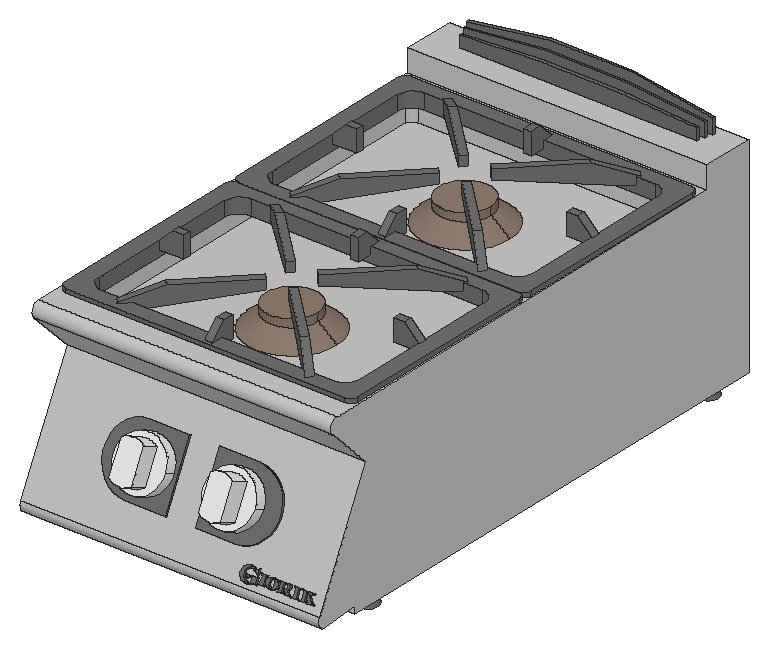
Revit family "QF_GIORIK_CG720T", category Specialty Equipment, Revit 2014
Parameters (values of type "CG720T")
  Weight in Pounds = 66.1386
  URL Cutsheet = "www.giorik.com"
  URL = "www.giorik.com"
  Status [instance] = ""
  Specification by User [instance] = ""
  Specification by Manufacturer = ""
  Show Logo [instance] = yes
  Show Clearance [instance] = yes
  Serial Number = ""
  Seismic Rating = ""
  SMACNA No = ""
  Revision Code [instance] = ""
  NAFEM Spec ID Number = ""
  Model = "CG720T"
  Mechanical Remarks [instance] = "Natural Gas"
  Mechanical Connection Type [instance] = ""
  Masterspec = ""
  Manufacturer = "GIORIK"
  Item Number [instance] = ""
  Installed By [instance] = ""
  Identify Quantity as Lot [instance] = no
  Gas Size = 1"
  Gas RI Height [instance] = 0 mm
  Gas KW = 12
  Gas Input = 12000 W
  Gas Connection Height [instance] = 20 mm
  Furnished By [instance] = ""
  Foodservice Equipment Identifier [instance] = yes
  Description = "2 BURNER GAS RANGE - COUNTERTOP VERSION"
  CSI MasterFormat = ""
  Assembly Code = "E1090320"
Reference planes
  plane 1 "Back": y = 0
  plane 2: z = 0
  plane 3 "Left": x = 0
  plane 4 "Right": x = 400
  plane 5 "Front": y = -720
  plane 6 "Top": z = 300
Forms (mm)
  Extrusion 1, solid
    sketch origin (159.28, -40, -671.012) x (0, -1, 0) y (0, 0, -1)
      loop
        line (35.989, -935.989) -> (65, -965) -> (79.749, -965) -> (79.749, -935.989) -> (35.989, -935.989)
    from 35.72 to 45.72
  Extrusion 2, solid
    sketch origin (-283.221, -963.345, -547.185) x (1, 0, 0) y (0, 0.452718, 0.891654)
      loop
        line (463.221, 676.25) -> (463.221, 766.25) -> (409.698, 766.25)
        arc (409.698, 766.25) -> (364.698, 721.25) -> (409.698, 676.25) r 45
        line (409.698, 676.25) -> (463.221, 676.25)
    from 48 to 50
  Extrusion 3, solid
    sketch origin (683.221, -963.345, -547.185) x (-1, 0, 0) y (0, -0.452718, -0.891654)
      loop
        line (463.221, -676.25) -> (409.698, -676.25)
        arc (409.698, -676.25) -> (364.698, -721.25) -> (409.698, -766.25) r 45
        line (409.698, -766.25) -> (463.221, -766.25) -> (463.221, -676.25)
    from 48 to 50
  Extrusion 4, solid
    sketch origin (-91.331, -1008.697, -524.589) x (1, 0, 0) y (0, 0.45351, 0.891251)
      loop
        circle (351.331, 721.346) r 35
    from 0 to 15
  Extrusion 5, solid
    sketch origin (-91.331, -1008.697, -524.589) x (1, 0, 0) y (0, 0.45351, 0.891251)
      loop
        line (336.331, 743.846) -> (336.331, 698.846)
        arc (336.331, 698.846) -> (351.331, 693.846) -> (366.331, 698.846) r 25
        line (366.331, 698.846) -> (366.331, 743.846)
        arc (366.331, 743.846) -> (351.331, 748.846) -> (336.331, 743.846) r 25
    from 15 to 40
  Extrusion 6, solid, visible <- "Show Logo"
    sketch origin (196.604, -736.761, 9.486) x (-1, 0, 0) y (0, 0.452718, 0.891654)
      loop
        line (-118.824, 58.358) -> (-127.804, 58.358) -> (-125.523, 56.445) -> (-125.523, 48.027) -> (-127.804, 46.113) -> (-118.824, 46.113) -> (-121.105, 48.027) -> (-121.105, 56.445) -> (-118.824, 58.358)
      loop
        line (-163.721, 58.358) -> (-172.7, 58.358) -> (-170.42, 56.445) -> (-170.42, 48.027) -> (-172.7, 46.113) -> (-163.721, 46.113) -> (-166.001, 48.027) -> (-166.001, 56.445) -> (-163.721, 58.358)
      loop
        line (-174.332, 58.358) -> (-183.312, 58.358) -> (-181.031, 56.445) -> (-181.031, 52.435) -> (-186.419, 56.955) -> (-184.416, 58.358) -> (-191.268, 58.358) -> (-188.01, 56.839) -> (-185.455, 54.283) -> (-190.846, 47.858) -> (-193.396, 46.93) -> (-193.396, 46.113) -> (-184.416, 46.113) -> (-185.437, 47.571) -> (-182.443, 51.552) -> (-181.031, 50.894) -> (-181.031, 48.027) -> (-183.312, 46.113) -> (-174.332, 46.113) -> (-176.613, 48.027) -> (-176.613, 56.445) -> (-174.332, 58.358)
      loop
        line (-115.429, 62.063) -> (-115.429, 54.198)
        arc (-115.429, 54.198) -> (-111.618, 57.803) -> (-106.847, 59.986) r 16.039
        arc (-106.847, 59.986) -> (-103.314, 59.837) -> (-100.512, 57.68) r 5.851
        arc (-100.512, 57.68) -> (-98.815, 52.267) -> (-100.512, 46.853) r 9.479
        arc (-100.512, 46.853) -> (-102.406, 44.986) -> (-104.846, 43.93) r 7.236
        arc (-104.846, 43.93) -> (-107.728, 44.111) -> (-110.052, 45.825) r 5.11
        line (-110.052, 45.825) -> (-110.052, 52.001) -> (-116.141, 52.001) -> (-116.141, 45.503) -> (-117.893, 43.751) -> (-114.094, 44.769)
        arc (-114.094, 44.769) -> (-112.56, 44.947) -> (-111.129, 44.366) r 3.115
        arc (-111.129, 44.366) -> (-104.216, 42.091) -> (-97.303, 44.366) r 11.641
        arc (-97.303, 44.366) -> (-93.396, 52.107) -> (-97.303, 59.849) r 9.622
        arc (-97.303, 59.849) -> (-104.369, 62.174) -> (-111.435, 59.849) r 11.898
        line (-111.435, 59.849) -> (-115.429, 62.063)
      loop
        arc (-129.234, 56.068) -> (-135.893, 58.628) -> (-142.552, 56.068) r 9.941
        arc (-142.552, 56.068) -> (-144.234, 52.286) -> (-142.552, 48.505) r 5.093
        arc (-142.552, 48.505) -> (-135.893, 45.945) -> (-129.234, 48.505) r 9.941
        arc (-129.234, 48.505) -> (-127.552, 52.286) -> (-129.234, 56.068) r 5.093
      loop
        arc (-132.628, 54.403) -> (-135.893, 57.668) -> (-139.158, 54.403) r 3.265
        line (-139.158, 54.403) -> (-139.158, 50.169)
        arc (-139.158, 50.169) -> (-135.893, 46.904) -> (-132.628, 50.169) r 3.265
        line (-132.628, 50.169) -> (-132.628, 54.403)
      loop
        arc (-156.363, 58.365) -> (-159.647, 55.081) -> (-156.363, 51.796) r 3.285
        line (-156.363, 51.796) -> (-159.529, 47.306) -> (-162.087, 46.113) -> (-155.847, 46.113) -> (-153.529, 51.083) -> (-150.637, 51.083) -> (-150.637, 47.784) -> (-153.022, 46.113) -> (-144.011, 46.113) -> (-146.094, 47.68) -> (-146.094, 56.493) -> (-144.229, 58.365) -> (-156.363, 58.365)
      loop
        line (-150.637, 57.512) -> (-153.637, 57.512)
        arc (-153.637, 57.512) -> (-156.237, 54.912) -> (-153.637, 52.312) r 2.6
        line (-153.637, 52.312) -> (-150.637, 52.312) -> (-150.637, 57.512)
      loop
        line (-108.924, 52.001) -> (-104.936, 49.005) -> (-100.948, 52.001) -> (-108.924, 52.001)
    from 1.5 to -0.5
  Extrusion 7, solid
    sketch origin (491.331, -1008.697, -524.589) x (-1, 0, 0) y (0, -0.45351, -0.891251)
      loop
        circle (351.331, -721.346) r 35
    from 0 to 15
  Extrusion 8, solid
    sketch origin (491.331, -1008.697, -524.589) x (-1, 0, 0) y (0, -0.45351, -0.891251)
      loop
        arc (336.331, -743.846) -> (351.331, -748.846) -> (366.331, -743.846) r 25
        line (366.331, -743.846) -> (366.331, -698.846)
        arc (366.331, -698.846) -> (351.331, -693.846) -> (336.331, -698.846) r 25
        line (336.331, -698.846) -> (336.331, -743.846)
    from 15 to 40
  Extrusion 9, solid
    sketch origin (-4, 0, 0) x (1, 0, 0) y (0, 1, 0)
      loop
        circle (54, -385) r 12.5
    from 5 to 20
  Extrusion 10, solid
    sketch origin (0, 1000, -620) x (0, 1, 0) y (0, 0, 1)
      loop
        line (-1000, 919.988) -> (-1070, 919.988) -> (-1070, 889.988) -> (-1688.806, 889.988)
        arc (-1688.806, 889.988) -> (-1699.151, 883.075) -> (-1696.724, 870.873) r 11.197
        line (-1696.724, 870.873) -> (-1640.876, 815.025) -> (-1718.948, 661.258)
        arc (-1718.948, 661.258) -> (-1718.233, 650.105) -> (-1708.118, 645.354) r 10.981
        line (-1708.118, 645.354) -> (-1660, 649.925) -> (-1660, 640) -> (-1000, 640) -> (-1000, 919.988)
    from 0 to 400
  Extrusion 11, solid
    sketch origin (-94, 0, -610.002) x (1, 0, 0) y (0, 0, 1)
      loop
        line (135, 909.989) -> (453, 909.989) -> (453, 925.527) -> (347.056, 931.749) -> (240.944, 931.749) -> (135, 925.527) -> (135, 909.989)
    from 32 to 35
  Extrusion 12, solid
    sketch origin (-92, 10, -610.002) x (1, 0, 0) y (0, 0, 1)
      loop
        line (454, 909.989) -> (454, 928.527) -> (346.162, 939.193) -> (237.838, 939.193) -> (130, 928.527) -> (130, 909.989) -> (454, 909.989)
    from 32 to 35
  Extrusion 13, solid
    sketch origin (-90, 20, -610.002) x (1, 0, 0) y (0, 0, 1)
      loop
        line (455, 909.989) -> (455, 930.527) -> (345.396, 947.413) -> (234.604, 947.413) -> (125, 930.527) -> (125, 909.989) -> (455, 909.989)
    from 32 to 35
  Extrusion 14, solid
    sketch origin (-0.046, 51.449, -630) x (1, 0, 0) y (0, 1, 0)
      loop
        circle (200.046, -276.449) r 35
    from 889.988 to 879.988
  Blend 15, solid
    base sketch origin (-0.046, 51.449, 299.988) x (0, 1, 0) y (-1, 0, 0)
      loop
        circle (-276.449, -200.046) r 60
    top sketch origin (-0.046, 51.449, 299.988) x (0, 1, 0) y (-1, 0, 0)
      loop
        circle (-276.449, -200.046) r 35
    from -70 to -50
  Extrusion 16, void
    sketch origin (0, 0, 300) x (0, 1, 0) y (-1, 0, 0)
      loop
        arc (-90, -28.955) -> (-92.929, -21.884) -> (-100, -18.955) r 10
        line (-100, -18.955) -> (-640.565, -18.955)
        arc (-640.565, -18.955) -> (-647.636, -21.884) -> (-650.565, -28.955) r 10
        line (-650.565, -28.955) -> (-650.565, -372.225)
        arc (-650.565, -372.225) -> (-647.636, -379.296) -> (-640.565, -382.225) r 10
        line (-640.565, -382.225) -> (-100, -382.225)
        arc (-100, -382.225) -> (-92.929, -379.296) -> (-90, -372.225) r 10
        line (-90, -372.225) -> (-90, -28.955)
    from -30.012 to -70.012
  Extrusion 17, solid
    sketch origin (159.28, -410, -671.012) x (0, 1, 0) y (0, 0, 1)
      loop
        line (35.989, 935.989) -> (79.749, 935.989) -> (79.749, 965) -> (65, 965) -> (35.989, 935.989)
    from 35.72 to 45.72
  Extrusion 18, solid
    sketch origin (-20.875, -265.72, -671.012) x (1, 0, 0) y (0, 0, -1)
      loop
        line (35.989, -935.989) -> (65, -965) -> (79.749, -965) -> (79.749, -935.989) -> (35.989, -935.989)
    from 35.72 to 45.72
  Extrusion 19, solid
    sketch origin (420.875, -265.72, -671.012) x (-1, 0, 0) y (0, 0, 1)
      loop
        line (35.989, 935.989) -> (79.749, 935.989) -> (79.749, 965) -> (65, 965) -> (35.989, 935.989)
    from 35.72 to 45.72
  Extrusion 20, solid
    sketch origin (0, 10, -577.012) x (1, 0, 0) y (0, 1, 0)
      loop
        line (3, -100) -> (3, -370)
        arc (3, -370) -> (5.929, -377.071) -> (13, -380) r 10
        line (13, -380) -> (387, -380)
        arc (387, -380) -> (394.071, -377.071) -> (397, -370) r 10
        line (397, -370) -> (397, -100)
        arc (397, -100) -> (394.071, -92.929) -> (387, -90) r 10
        line (387, -90) -> (13, -90)
        arc (13, -90) -> (5.929, -92.929) -> (3, -100) r 10
      loop
        arc (45, -110) -> (30.858, -115.858) -> (25, -130) r 20
        line (25, -130) -> (25, -340)
        arc (25, -340) -> (30.858, -354.142) -> (45, -360) r 20
        line (45, -360) -> (355, -360)
        arc (355, -360) -> (369.142, -354.142) -> (375, -340) r 20
        line (375, -340) -> (375, -130)
        arc (375, -130) -> (369.142, -115.858) -> (355, -110) r 20
        line (355, -110) -> (45, -110)
    from 831.989 to 851.989
  Extrusion 21, solid
    sketch origin (159.28, -700, -671.012) x (0, 1, 0) y (0, 0, 1)
      loop
        line (35.989, 935.989) -> (79.749, 935.989) -> (79.749, 965) -> (65, 965) -> (35.989, 935.989)
    from 35.72 to 45.72
  Blend 22, solid
    base sketch origin (-0.046, -791.448, 299.988) x (0, -1, 0) y (1, 0, 0)
      loop
        circle (-276.449, 200.046) r 60
    top sketch origin (-0.046, -791.448, 299.988) x (0, -1, 0) y (1, 0, 0)
      loop
        circle (-276.449, 200.046) r 35
    from -70 to -50
  Extrusion 23, solid
    sketch origin (159.28, -330, -671.012) x (0, -1, 0) y (0, 0, -1)
      loop
        line (35.989, -935.989) -> (65, -965) -> (79.749, -965) -> (79.749, -935.989) -> (35.989, -935.989)
    from 35.72 to 45.72
  Extrusion 24, solid
    sketch origin (-20.875, -474.279, -671.012) x (1, 0, 0) y (0, 0, 1)
      loop
        line (35.989, 935.989) -> (79.749, 935.989) -> (79.749, 965) -> (65, 965) -> (35.989, 935.989)
    from 35.72 to 45.72
  Extrusion 25, solid
    sketch origin (420.875, -474.279, -671.012) x (-1, 0, 0) y (0, 0, -1)
      loop
        line (35.989, -935.989) -> (65, -965) -> (79.749, -965) -> (79.749, -935.989) -> (35.989, -935.989)
    from 35.72 to 45.72
  Extrusion 26, solid
    sketch origin (0, -750, -577.012) x (1, 0, 0) y (0, 1, 0)
      loop
        arc (3, 100) -> (5.929, 92.929) -> (13, 90) r 10
        line (13, 90) -> (387, 90)
        arc (387, 90) -> (394.071, 92.929) -> (397, 100) r 10
        line (397, 100) -> (397, 370)
        arc (397, 370) -> (394.071, 377.071) -> (387, 380) r 10
        line (387, 380) -> (13, 380)
        arc (13, 380) -> (5.929, 377.071) -> (3, 370) r 10
        line (3, 370) -> (3, 100)
      loop
        line (45, 110) -> (355, 110)
        arc (355, 110) -> (369.142, 115.858) -> (375, 130) r 20
        line (375, 130) -> (375, 340)
        arc (375, 340) -> (369.142, 354.142) -> (355, 360) r 20
        line (355, 360) -> (45, 360)
        arc (45, 360) -> (30.858, 354.142) -> (25, 340) r 20
        line (25, 340) -> (25, 130)
        arc (25, 130) -> (30.858, 115.858) -> (45, 110) r 20
    from 831.989 to 851.989
  Extrusion 27, solid
    sketch origin (335.232, -702.19, -602.821) x (-0.707107, 0.707107, 0) y (0, 0, 1)
      loop
        line (199.588, 896.808) -> (95.425, 896.808) -> (36.748, 875.452) -> (36.748, 867.797) -> (57.778, 867.797) -> (199.588, 883.656) -> (199.588, 896.808)
    from 30.148 to 40.148
  Extrusion 28, solid
    sketch origin (-0.046, -238.551, -630) x (1, 0, 0) y (0, 1, 0)
      loop
        circle (200.046, -276.449) r 35
    from 889.988 to 879.988
  Extrusion 29, solid
    sketch origin (64.768, -702.19, -602.821) x (0.707107, 0.707107, 0) y (0, 0, -1)
      loop
        line (199.588, -896.808) -> (199.588, -883.656) -> (57.778, -867.797) -> (36.748, -867.797) -> (36.748, -875.452) -> (95.425, -896.808) -> (199.588, -896.808)
    from 30.148 to 40.148
  Extrusion 30, solid
    sketch origin (335.232, -327.81, -602.821) x (-0.707107, -0.707107, 0) y (0, 0, -1)
      loop
        line (199.588, -896.808) -> (199.588, -883.656) -> (57.778, -867.797) -> (36.748, -867.797) -> (36.748, -875.452) -> (95.425, -896.808) -> (199.588, -896.808)
    from 30.148 to 40.148
  Extrusion 31, solid
    sketch origin (64.768, -327.81, -602.821) x (0.707107, -0.707107, 0) y (0, 0, 1)
      loop
        line (199.588, 896.808) -> (95.425, 896.808) -> (36.748, 875.452) -> (36.748, 867.797) -> (57.778, 867.797) -> (199.588, 883.656) -> (199.588, 896.808)
    from 30.148 to 40.148
  Extrusion 32, solid
    sketch origin (335.232, -37.81, -602.821) x (-0.707107, -0.707107, 0) y (0, 0, -1)
      loop
        line (199.588, -896.808) -> (199.588, -883.656) -> (57.778, -867.797) -> (36.748, -867.797) -> (36.748, -875.452) -> (95.425, -896.808) -> (199.588, -896.808)
    from 30.148 to 40.148
  Extrusion 33, solid
    sketch origin (64.768, -37.81, -602.821) x (0.707107, -0.707107, 0) y (0, 0, 1)
      loop
        line (199.588, 896.808) -> (95.425, 896.808) -> (36.748, 875.452) -> (36.748, 867.797) -> (57.778, 867.797) -> (199.588, 883.656) -> (199.588, 896.808)
    from 30.148 to 40.148
  Extrusion 34, solid
    sketch origin (335.232, -412.19, -602.821) x (-0.707107, 0.707107, 0) y (0, 0, 1)
      loop
        line (199.588, 896.808) -> (95.425, 896.808) -> (36.748, 875.452) -> (36.748, 867.797) -> (57.778, 867.797) -> (199.588, 883.656) -> (199.588, 896.808)
    from 30.148 to 40.148
  Extrusion 35, solid
    sketch origin (64.768, -412.19, -602.821) x (0.707107, 0.707107, 0) y (0, 0, -1)
      loop
        line (199.588, -896.808) -> (199.588, -883.656) -> (57.778, -867.797) -> (36.748, -867.797) -> (36.748, -875.452) -> (95.425, -896.808) -> (199.588, -896.808)
    from 30.148 to 40.148
  Extrusion 36, solid
    sketch origin (-143.603, 45.293, -30) x (0, 1, 0) y (-1, 0, 0)
      loop
        circle (-79.293, -516.603) r 5
    from 41.965 to 50
  Revolve 37, solid
    sketch origin (373, 49.943, -600) x (0, 1, 0) y (0, 0, -1)
      loop
        line (-83.943, -611.965) -> (-83.943, -600) -> (-97.943, -600) -> (-94.752, -611.965) -> (-83.943, -611.965)
      axis (-83.943, -611.965) -> (-83.943, -600)
    angle from 0 to 360
  Extrusion 38, solid
    sketch origin (-143.603, -524.707, -30) x (0, 1, 0) y (-1, 0, 0)
      loop
        circle (-79.293, -516.603) r 5
    from 41.965 to 50
  Revolve 39, solid
    sketch origin (373, -520.057, -600) x (0, 1, 0) y (0, 0, -1)
      loop
        line (-83.943, -611.965) -> (-83.943, -600) -> (-97.943, -600) -> (-94.752, -611.965) -> (-83.943, -611.965)
      axis (-83.943, -611.965) -> (-83.943, -600)
    angle from 0 to 360
  Extrusion 40, solid
    sketch origin (543.603, 45.293, -30) x (0, 1, 0) y (-1, 0, 0)
      loop
        circle (-79.293, 516.603) r 5
    from 41.965 to 50
  Revolve 41, solid
    sketch origin (27, 49.943, -600) x (0, 1, 0) y (0, 0, 1)
      loop
        line (-83.943, 611.965) -> (-94.752, 611.965) -> (-97.943, 600) -> (-83.943, 600) -> (-83.943, 611.965)
      axis (-83.943, 611.965) -> (-83.943, 600)
    angle from 0 to 360
  Extrusion 42, solid
    sketch origin (543.603, -524.707, -30) x (0, 1, 0) y (-1, 0, 0)
      loop
        circle (-79.293, 516.603) r 5
    from 41.965 to 50
  Revolve 43, solid
    sketch origin (27, -520.057, -600) x (0, 1, 0) y (0, 0, 1)
      loop
        line (-83.943, 611.965) -> (-94.752, 611.965) -> (-97.943, 600) -> (-83.943, 600) -> (-83.943, 611.965)
      axis (-83.943, 611.965) -> (-83.943, 600)
    angle from 0 to 360
Cuts and joins
  Extrusion 16 cuts Extrusion 10
Lines and regions (mm)
  symbolic lines, style "200-EquipBorder-2D"
    curve 1: line (0, -720, 0) -> (400, -720, 0)
    curve 2: line (400, -720, 0) -> (400, 0, 0)
    curve 3: line (400, 0, 0) -> (0, 0, 0)
    curve 4: line (0, 0, 0) -> (0, -720, 0)
  symbolic lines, style "200-EquipInternal-2D"
    curve 5: line (35, -12, 300) -> (365, -12, 300)
    curve 6: line (365, -12, 300) -> (365, -15, 300)
    curve 7: line (365, -15, 300) -> (35, -15, 300)
    curve 8: line (35, -15, 300) -> (35, -12, 300)
    curve 9: line (38, -22, 300) -> (362, -22, 300)
    curve 10: line (362, -22, 300) -> (362, -25, 300)
    curve 11: line (362, -25, 300) -> (38, -25, 300)
    curve 12: line (38, -25, 300) -> (38, -22, 300)
    curve 13: line (41, -32, 300) -> (359, -32, 300)
    curve 14: line (359, -32, 300) -> (359, -35, 300)
    curve 15: line (359, -35, 300) -> (41, -35, 300)
    curve 16: line (41, -35, 300) -> (41, -32, 300)
    curve 17: line (184.58, -200.258, 300) -> (84.322, -100, 300)
    curve 18: line (70.18, -100, 300) -> (177.509, -207.329, 300)
    curve 19: line (177.509, -207.329, 300) -> (184.58, -200.258, 300)
    curve 20: line (215.42, -200.258, 300) -> (222.491, -207.329, 300)
    curve 21: line (315.803, -99.874, 300) -> (215.42, -200.258, 300)
    curve 22: line (222.491, -207.329, 300) -> (329.946, -99.874, 300)
    curve 23: line (195, -119.749, 300) -> (205, -119.749, 300)
    curve 24: line (195, -100, 300) -> (195, -119.749, 300)
    curve 25: line (205, -119.749, 300) -> (205, -99.874, 300)
    curve 26: line (341.126, -220, 300) -> (341.126, -230, 300)
    curve 27: line (375, -220, 300) -> (341.126, -220, 300)
    curve 28: line (341.126, -230, 300) -> (375, -230, 300)
    curve 29: line (184.58, -249.742, 300) -> (177.509, -242.671, 300)
    curve 30: line (177.509, -242.671, 300) -> (70.18, -350, 300)
    curve 31: line (84.322, -350, 300) -> (184.58, -249.742, 300)
    curve 32: line (215.42, -249.742, 300) -> (315.678, -350, 300)
    curve 33: line (222.491, -242.671, 300) -> (215.42, -249.742, 300)
    curve 34: line (329.82, -350, 300) -> (222.491, -242.671, 300)
    curve 35: line (58.874, -230, 300) -> (58.874, -220, 300)
    curve 36: line (58.874, -220, 300) -> (25, -220, 300)
    curve 37: line (25, -230, 300) -> (58.874, -230, 300)
    curve 38: line (205, -330.251, 300) -> (195, -330.251, 300)
    curve 39: line (195, -330.251, 300) -> (195, -350, 300)
    curve 40: line (205, -350, 300) -> (205, -330.251, 300)
    curve 41: line (195, -409.748, 300) -> (205, -409.748, 300)
    curve 42: line (205, -409.748, 300) -> (205, -390, 300)
    curve 43: line (195, -390, 300) -> (195, -409.748, 300)
    curve 44: line (315.678, -390, 300) -> (215.42, -490.258, 300)
    curve 45: line (222.491, -497.329, 300) -> (329.82, -390, 300)
    curve 46: line (215.42, -490.258, 300) -> (222.491, -497.329, 300)
    curve 47: line (177.509, -497.329, 300) -> (184.58, -490.258, 300)
    curve 48: line (184.58, -490.258, 300) -> (84.322, -390, 300)
    curve 49: line (70.18, -390, 300) -> (177.509, -497.329, 300)
    curve 50: line (58.874, -520, 300) -> (58.874, -510, 300)
    curve 51: line (58.874, -510, 300) -> (25, -510, 300)
    curve 52: line (25, -520, 300) -> (58.874, -520, 300)
    curve 53: line (341.126, -510, 300) -> (341.126, -520, 300)
    curve 54: line (375, -510, 300) -> (341.126, -510, 300)
    curve 55: line (341.126, -520, 300) -> (375, -520, 300)
    curve 56: line (329.82, -640, 300) -> (222.491, -532.671, 300)
    curve 57: line (222.491, -532.671, 300) -> (215.42, -539.742, 300)
    curve 58: line (184.58, -539.742, 300) -> (177.509, -532.671, 300)
    curve 59: line (84.322, -640, 300) -> (184.58, -539.742, 300)
    curve 60: line (177.509, -532.671, 300) -> (70.18, -640, 300)
    curve 61: line (215.42, -539.742, 300) -> (315.678, -640, 300)
    curve 62: line (205, -620.251, 300) -> (195, -620.251, 300)
    curve 63: line (195, -620.251, 300) -> (195, -640, 300)
    curve 64: line (205, -640, 300) -> (205, -620.251, 300)
    curve 65: arc (355, -100, 300) -> (369.142, -105.858, 300) -> (375, -120, 300) r 20
    curve 66: line (375, -120, 300) -> (375, -330, 300)
    curve 67: arc (375, -330, 300) -> (369.142, -344.142, 300) -> (355, -350, 300) r 20
    curve 68: line (355, -350, 300) -> (45, -350, 300)
    curve 69: arc (45, -350, 300) -> (30.858, -344.142, 300) -> (25, -330, 300) r 20
    curve 70: line (25, -330, 300) -> (25, -120, 300)
    curve 71: arc (25, -120, 300) -> (30.858, -105.858, 300) -> (45, -100, 300) r 20
    curve 72: arc (25, -410, 300) -> (30.858, -395.858, 300) -> (45, -390, 300) r 20
    curve 73: line (45, -390, 300) -> (355, -390, 300)
    curve 74: line (25, -620, 300) -> (25, -410, 300)
    curve 75: arc (355, -390, 300) -> (369.142, -395.858, 300) -> (375, -410, 300) r 20
    curve 76: line (375, -410, 300) -> (375, -620, 300)
    curve 77: arc (375, -620, 300) -> (369.142, -634.142, 300) -> (355, -640, 300) r 20
    curve 78: line (355, -640, 300) -> (45, -640, 300)
    curve 79: arc (45, -640, 300) -> (30.858, -634.142, 300) -> (25, -620, 300) r 20
    curve 80: line (387, -370, 300) -> (13, -370, 300)
    curve 81: arc (397, -380, 300) -> (394.071, -372.929, 300) -> (387, -370, 300) r 10
    curve 82: line (397, -650, 300) -> (397, -380, 300)
    curve 83: arc (387, -370, 300) -> (394.071, -367.071, 300) -> (397, -360, 300) r 10
    curve 84: line (397, -360, 300) -> (397, -90, 300)
    curve 85: arc (387, -660, 300) -> (394.071, -657.071, 300) -> (397, -650, 300) r 10
    curve 86: line (13, -660, 300) -> (387, -660, 300)
    curve 87: arc (3, -650, 300) -> (5.929, -657.071, 300) -> (13, -660, 300) r 10
    curve 88: line (3, -380, 300) -> (3, -650, 300)
    curve 89: arc (3, -360, 300) -> (5.929, -367.071, 300) -> (13, -370, 300) r 10
    curve 90: arc (13, -370, 300) -> (5.929, -372.929, 300) -> (3, -380, 300) r 10
    curve 91: line (3, -90, 300) -> (3, -360, 300)
    curve 92: line (387, -80, 300) -> (13, -80, 300)
    curve 93: arc (13, -80, 300) -> (5.929, -82.929, 300) -> (3, -90, 300) r 10
    curve 94: arc (397, -90, 300) -> (394.071, -82.929, 300) -> (387, -80, 300) r 10
    curve 95: arc (162.492, -178.169, 0) -> (200, -165, 0) -> (237.508, -178.169, 0) r 60
    curve 96: arc (244.768, -264.948, 0) -> (260, -225, 0) -> (244.768, -185.052, 0) r 60
    curve 97: arc (162.492, -271.831, 0) -> (200, -285, 0) -> (237.508, -271.831, 0) r 60
    curve 98: arc (155.232, -264.948, 0) -> (140, -225, 0) -> (155.232, -185.052, 0) r 60
    curve 99: arc (180.355, -196.033, 0) -> (200, -190, 0) -> (219.645, -196.033, 0) r 35
    curve 100: arc (227.041, -202.779, 0) -> (235, -225, 0) -> (227.041, -247.221, 0) r 35
    curve 101: arc (172.959, -202.779, 0) -> (165, -225, 0) -> (172.959, -247.221, 0) r 35
    curve 102: arc (180.355, -253.967, 0) -> (200, -260, 0) -> (219.645, -253.967, 0) r 35
    curve 103: arc (162.492, -468.169, 0) -> (200, -455, 0) -> (237.508, -468.169, 0) r 60
    curve 104: arc (244.768, -475.052, 0) -> (260, -515, 0) -> (244.768, -554.948, 0) r 60
    curve 105: arc (155.232, -475.052, 0) -> (140, -515, 0) -> (155.232, -554.948, 0) r 60
    curve 106: arc (162.492, -561.831, 0) -> (200, -575, 0) -> (237.508, -561.831, 0) r 60
    curve 107: arc (180.355, -543.967, 0) -> (200, -550, 0) -> (219.645, -543.967, 0) r 35
    curve 108: arc (227.041, -537.221, 0) -> (235, -515, 0) -> (227.041, -492.779, 0) r 35
    curve 109: arc (219.645, -486.033, 0) -> (200, -480, 0) -> (180.355, -486.033, 0) r 35
    curve 110: arc (172.959, -492.779, 0) -> (165, -515, 0) -> (172.959, -537.221, 0) r 35
    curve 111: line (45, -100, 0) -> (355, -100, 0)
    curve 112: line (0, -70, 300) -> (400, -70, 300)
Dimensions and locks
  plane 3 "Left" to plane 4 "Right" = 400 mm
  plane 5 "Front" to plane 1 "Back" = 720 mm
  plane 4 "Right" to plane 3 "Left" = 400 mm
  plane 1 "Back" to plane 5 "Front" = 720 mm
  plane 6 "Top" to level = 300 mm  (x2)
  aligned and locked: level to plane 2
Connectors
  piping at (50, -385, 5), diameter 25.4, driven by "Gas Size"
    settings: on Extrusion 9, index 1, connector inside diameter 24", connector length 0 mm, flow factor 0, pipe flow 0.0 L/s, pressure drop 0.0 Pa, fitting loss kfactor 0, connector angle 0.00°, fixture units 0, engagement length 0 mm, angle of deflection 0.00°, flow configuration 1, flow direction 1, fitting loss method 0, system type 22, joint type 0, gender type 0, connector reference index -1, connector utility 0, adjustable connector no, is connector primary yes, connector description "Gas inlet"
